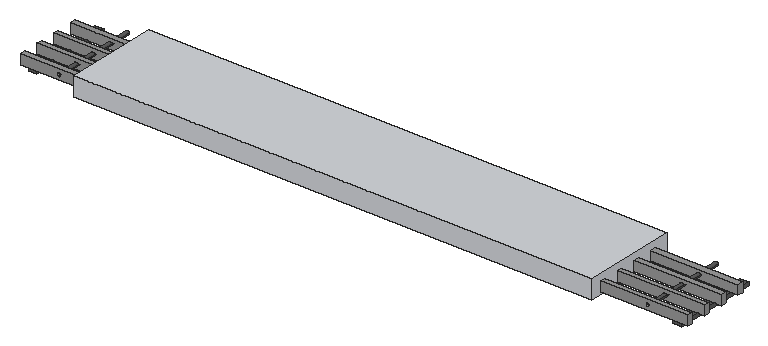
Revit family "1212-4, Solid", category Generic Models, host Face, Revit 2020
Family settings
  Host = Face
  Can host rebar = No
  Round Connector Dimension = Use Diameter
  Part Type = Normal
  Cut with Voids When Loaded = No
  Shared = No
  Room Calculation Point = No
Parameters
  min_value [instance] = 1' - 11 1/4"  # constant formula
  max_value [instance] = 11' - 11 1/4"  # constant formula
  actual_value [instance] = if(NET LENGTH < min_value, min_value, if(NET LENGTH > max_value, max_value, NET LENGTH))  # 7' - 11 1/4"
  NET LENGTH [instance] = 7' - 11 1/4"
  IMPORTANT NOTE!!!                                                                             *Backer & dowel layout is for visualization purposes only, final layout to be determined by 9Wood. [instance] = ""
  Default Elevation = 4' - 0"
  DOWEL RADIUS [instance] = 0' - 0 1/4"  # constant formula
  BACKING M MATERIAL [instance] = BLACK-BACKERS
  .. MEMBER WIDTH [instance] = 0' - 0 3/4"  # constant formula
  .. MEMBER MATERIAL [instance] = Solid Western Hemlock
  .. MEMBER DEPTH [instance] = 0' - 1 3/8"  # constant formula
  .. MEMBER COUNT [instance] = 4  # constant formula
Reference planes (in)
  plane 1 "Center (Front/Back)": y = 0
  plane 2: z = 2.726
  plane 3 "Center (Left/Right)": x = 0
Forms (in)
  Extrusion 1, solid
    sketch origin (15, -0.86619, -0.99308) x (0, 1, 0) y (-1, 0, 0)
      loop
        line (3.42869, -23.66817) -> (3.42869, 50.25) -> (-10, 50.25) -> (-10, -23.66817) -> (3.42869, -23.66817)
    from 3.71908 to 1.00111
Dimensions and locks (in)
  aligned and locked: plane 2 to Extrusion 1
Nested families (in)
  nested 1: "1200 Series" at (-44, -2, 1.87867), NET LENGTH <- "actual_value", DOWEL RADII <- "DOWEL RADIUS", .. MEMBER WIDTH <- ".. MEMBER WIDTH", .. MEMBER DEPTH <- ".. MEMBER DEPTH", .. MEMBER MATERIAL <- ".. MEMBER MATERIAL", BACKING M MATERIAL <- "BACKING M MATERIAL", .. MEMBER COUNT <- ".. MEMBER COUNT", type "1200 Series"
    with X 7' - 4", WIDTH 1' - 0 1/16", Space 0' - 0 11/16", START 0' - 0 3/8", SCRIM MATERIAL SCRIM, SCRIM 3 8' - 1", SCRIM 2 0' - 0 7/8", SCRIM 1 0' - 0 3/32", SCRIM yes, NET LENGTH 7' - 11 1/4", N 8, INSET 3 0' - 0 3/16", INSET 0' - 1", INDEX 0' - 5 5/8", END BACKER yes, DOWEL RADII 0' - 0 1/4", DOWEL COUNT 8, BACKING M WIDTH 0' - 1 1/4", BACKING M MATERIAL BLACK-BACKERS, BACKING M LENGTH 0' - 11 7/8", BACKING M DEPTH 0' - 0 1/2", .. MEMBER WIDTH 0' - 0 3/4", .. MEMBER OC TYP 0' - 3", .. MEMBER MATERIAL Solid Western Hemlock, .. MEMBER DEPTH 0' - 1 3/8", .. MEMBER COUNT 4
Definition of nested family "1200 Series"
  Parameters (values of type "1200 Series")
    X [instance] = NET LENGTH - (0' 3 5/8" * 2)  # 6' - 2"
    WIDTH [instance] = 1' - 0 1/16"
    Space [instance] = 0' - 0 11/16"  # constant formula
    START [instance] = .. MEMBER WIDTH / 2  # 0' - 0 3/8"
    SCRIM MATERIAL [instance] = none
    SCRIM 3 [instance] = NET LENGTH + (SCRIM 2 * 2)  # 6' - 11"
    SCRIM 2 [instance] = 0' - 0 7/8"
    SCRIM 1 [instance] = 0' - 0 3/32"
    SCRIM [instance] = yes
    NET LENGTH [instance] = 6' - 9 1/4"
    N [instance] = if((X - (rounddown(X / 1' 0") * 1' 0")) > 1' 0", rounddown(X / 1' 0") + 2, rounddown(X / 1' 0") + 1)  # 7
    INSET 3 [instance] = 0' - 0 3/16"
    INSET [instance] = 0' - 1"
    INDEX [instance] = (NET LENGTH - ((N - 1) * 1' 0")) / 2  # 0' - 4 5/8"
    END BACKER [instance] = yes
    Default Elevation = 0' - 0"
    DOWEL RADII [instance] = 0' - 0 1/4"
    DOWEL COUNT [instance] = N  # 7
    BACKING M WIDTH [instance] = 0' - 1 1/4"
    BACKING M MATERIAL [instance] = none
    BACKING M LENGTH [instance] = 0' - 11 7/8"
    BACKING M DEPTH [instance] = 0' - 0 1/2"
    .. MEMBER WIDTH [instance] = 0' - 0 3/4"
    .. MEMBER OC TYP [instance] = 1' 0" / .. MEMBER COUNT  # 0' - 3"
    .. MEMBER MATERIAL [instance] = none
    .. MEMBER DEPTH [instance] = 0' - 1 3/8"
    .. MEMBER COUNT [instance] = 4
  Reference planes (in)
    plane 1 "Center (Front/Back)": y = -7.5
    plane 2: z = 0
    plane 3 "Center (Left/Right)": x = 0
    plane 4: x = 1
    plane 5: x = 4.625
    plane 6: x = 81.25
    plane 7: x = 80.25
    plane 8: x = 16.625
    plane 9: y = -7.3125
    plane 10: y = -4.125
    plane 11: y = -7.125
    plane 12: y = 4.5625
    plane 13: y = -4.5
    plane 14: y = -7.59375
    plane 15: x = 82.125
    plane 16: y = 4.65625
    plane 17: x = -0.875
    plane 18: z = -1.375
    plane 19: z = -0.6875
  Lines and regions (in)
    model lines
      curve 1: line (4.375, -7.5, -0.6875) -> (4.875, -7.5, -0.6875)
    model lines, not visible
      curve 2: line (4.625, -7.5, -0.9375) -> (4.625, -7.5, -0.4375)
      curve 3: line (4.375, -7.5, -0.6875) -> (4.875, -7.5, -0.6875)
      curve 4: line (16.625, -7.5, -0.9375) -> (16.625, -7.5, -0.4375)
      curve 5: line (16.375, -7.5, -0.6875) -> (16.875, -7.5, -0.6875)
      curve 6: line (28.625, -7.5, -0.9375) -> (28.625, -7.5, -0.4375)
      curve 7: line (28.375, -7.5, -0.6875) -> (28.875, -7.5, -0.6875)
      curve 8: line (40.625, -7.5, -0.9375) -> (40.625, -7.5, -0.4375)
      curve 9: line (40.375, -7.5, -0.6875) -> (40.875, -7.5, -0.6875)
      curve 10: line (52.625, -7.5, -0.9375) -> (52.625, -7.5, -0.4375)
      curve 11: line (52.375, -7.5, -0.6875) -> (52.875, -7.5, -0.6875)
      curve 12: line (64.625, -7.5, -0.9375) -> (64.625, -7.5, -0.4375)
      curve 13: line (64.375, -7.5, -0.6875) -> (64.875, -7.5, -0.6875)
      curve 14: line (76.625, -7.5, -0.9375) -> (76.625, -7.5, -0.4375)
      curve 15: line (76.375, -7.5, -0.6875) -> (76.875, -7.5, -0.6875)
  Dimensions and locks (in)
    "NET LENGTH": plane 3 "Center (Left/Right)" to plane 6
    "INSET": plane 7 to plane 6
    "INDEX": plane 3 "Center (Left/Right)" to plane 5
    plane 5 to plane 8 = 1' - 0"
    "INSET 3": plane 1 "Center (Front/Back)" to plane 9
    equal spacing: group 1, group 2, group 3, group 4  (x3)
    "START": plane 11 to plane 1 "Center (Front/Back)"
    ".. MEMBER OC TYP": plane 10 to plane 11
    "WIDTH": plane 12 to plane 1 "Center (Front/Back)"
    "START": plane 10 to plane 13
    "SCRIM 1": plane 14 to plane 1 "Center (Front/Back)"
    "SCRIM 2": plane 6 to plane 15
    "SCRIM 1": plane 12 to plane 16
    "SCRIM 2": plane 17 to plane 3 "Center (Left/Right)"
    "INSET": plane 3 "Center (Left/Right)" to plane 4
    equal spacing: group 5, group 6, group 7, group 8, group 9, group 10, group 11  (x3)
    "Space": plane 19 to plane 18
    aligned and locked: level to plane 2
    aligned and locked: nested 1 to plane 4  (x2)
    aligned and locked: plane 7 to nested 2
    aligned and locked: plane 5 to nested 3
    aligned and locked: nested 1 to plane 9
    aligned and locked: plane 1 "Center (Front/Back)" to nested 4
    aligned and locked: plane 9 to nested 2
    aligned and locked: plane 13 to nested 5
    aligned and locked: nested 3 to plane 9
    aligned and locked: plane 18 to nested 1
    aligned and locked: plane 19 to nested 3
    aligned and locked: curve 1 to plane 19
    aligned and locked: plane 8 to curve 4
    aligned and locked: curve 5 to plane 19
    aligned and locked: nested 4 to plane 18
  Automatic sketch dimensions
    curve 1 to curve 1 = 0' - 0 1/2"
    curve 1 to plane 5 = 0' - 0 1/4"
    plane 5 to curve 1 = 0' - 0 1/4"
    curve 3 to curve 2 = 0' - 0 1/4"  (x2)
    curve 2 to curve 3 = 0' - 0 1/4"  (x2)
    curve 5 to curve 4 = 0' - 0 1/4"  (x2)
    curve 4 to curve 5 = 0' - 0 1/4"  (x2)
    curve 7 to curve 6 = 0' - 0 1/4"  (x2)
    curve 6 to curve 7 = 0' - 0 1/4"  (x2)
    curve 9 to curve 8 = 0' - 0 1/4"  (x2)
    curve 8 to curve 9 = 0' - 0 1/4"  (x2)
    curve 11 to curve 10 = 0' - 0 1/4"  (x2)
    curve 10 to curve 11 = 0' - 0 1/4"  (x2)
    curve 13 to curve 12 = 0' - 0 1/4"  (x2)
    curve 12 to curve 13 = 0' - 0 1/4"  (x2)
    curve 15 to curve 14 = 0' - 0 1/4"  (x2)
    curve 14 to curve 15 = 0' - 0 1/4"  (x2)
  Nested families (in)
    nested 1: "INSTANCE - 2ND -  EXTEND SIDE H CENTER W - Parametric Cube" at (1, -1.375, -1.375) x (0, -1, 0) z (0, 0, 1), Width <- "BACKING M LENGTH", Length <- "BACKING M WIDTH", Material <- "BACKING M MATERIAL", Height <- "BACKING M DEPTH", visible <- "END BACKER", type "INSTANCE - 2ND -  EXTEND SIDE H CENTER W - Parametric Cube"
      with Width 0' - 11 7/8", Material none, Length 0' - 1 1/4", Height 0' - 0 1/2"
    nested 2: "INSTANCE - 2ND -  EXTEND SIDE H CENTER W - Parametric Cube" at (80.25, -1.375, -1.375) x (0, -1, 0) z (0, 0, 1), Width <- "BACKING M LENGTH", Length <- "BACKING M WIDTH", Material <- "BACKING M MATERIAL", Height <- "BACKING M DEPTH", visible <- "END BACKER", type "INSTANCE - 2ND -  EXTEND SIDE H CENTER W - Parametric Cube"
      with Width 0' - 11 7/8", Material none, Length 0' - 1 1/4", Height 0' - 0 1/2"
    nested 3: "Family3" at (-5.375, -7.3125, -0.6875), DOWEL RADII <- "DOWEL RADII", BACKING MEM MATERIAL <- "BACKING M MATERIAL", type "Family3"
      with DOWEL RADII 0' - 0 1/4", DOWEL LENGTH 0' - 11 7/8", BACKING MEM MATERIAL none
    nested 4: "HOLED MEMBER" at (0, -18.75, 6.19404), DOWEL RADII <- "DOWEL RADII", .. MEMBER LENGTH <- "NET LENGTH", DOWEL COUNT <- "DOWEL COUNT", DEPTH <- ".. MEMBER DEPTH", .. MEMBER WIDTH <- ".. MEMBER WIDTH", Material <- ".. MEMBER MATERIAL", DOWEL INDEX <- "INDEX", Space 2 <- "Space", type "HOLED MEMBER"
      with Width 0' - 6", Space 2 0' - 0 11/16", Material none, Length 1' - 0", Height 0' - 10.43096", DOWEL RADII 0' - 0 1/4", DOWEL OC DIST 1' - 0", DOWEL INDEX 0' - 4 5/8", DOWEL COUNT 7, DEPTH 0' - 1 3/8", .. MEMBER WIDTH 0' - 0 3/4", .. MEMBER LENGTH 6' - 9 1/4"
    nested 5: "HOLED MEMBER" at (0, -15.75, 6.19404), DOWEL RADII <- "DOWEL RADII", .. MEMBER LENGTH <- "NET LENGTH", DOWEL COUNT <- "DOWEL COUNT", DEPTH <- ".. MEMBER DEPTH", .. MEMBER WIDTH <- ".. MEMBER WIDTH", Material <- ".. MEMBER MATERIAL", DOWEL INDEX <- "INDEX", Space 2 <- "Space", type "HOLED MEMBER"
      with Width 0' - 6", Space 2 0' - 0 11/16", Material none, Length 1' - 0", Height 0' - 10.43096", DOWEL RADII 0' - 0 1/4", DOWEL OC DIST 1' - 0", DOWEL INDEX 0' - 4 5/8", DOWEL COUNT 7, DEPTH 0' - 1 3/8", .. MEMBER WIDTH 0' - 0 3/4", .. MEMBER LENGTH 6' - 9 1/4"
    nested 6: "HOLED MEMBER" at (0, -12.75, 6.19404), DOWEL RADII <- "DOWEL RADII", .. MEMBER LENGTH <- "NET LENGTH", DOWEL COUNT <- "DOWEL COUNT", DEPTH <- ".. MEMBER DEPTH", .. MEMBER WIDTH <- ".. MEMBER WIDTH", Material <- ".. MEMBER MATERIAL", DOWEL INDEX <- "INDEX", Space 2 <- "Space", type "HOLED MEMBER"
      with Width 0' - 6", Space 2 0' - 0 11/16", Material none, Length 1' - 0", Height 0' - 10.43096", DOWEL RADII 0' - 0 1/4", DOWEL OC DIST 1' - 0", DOWEL INDEX 0' - 4 5/8", DOWEL COUNT 7, DEPTH 0' - 1 3/8", .. MEMBER WIDTH 0' - 0 3/4", .. MEMBER LENGTH 6' - 9 1/4"
    nested 7: "HOLED MEMBER" at (0, -9.75, 6.19404), DOWEL RADII <- "DOWEL RADII", .. MEMBER LENGTH <- "NET LENGTH", DOWEL COUNT <- "DOWEL COUNT", DEPTH <- ".. MEMBER DEPTH", .. MEMBER WIDTH <- ".. MEMBER WIDTH", Material <- ".. MEMBER MATERIAL", DOWEL INDEX <- "INDEX", Space 2 <- "Space", type "HOLED MEMBER"
      with Width 0' - 6", Space 2 0' - 0 11/16", Material none, Length 1' - 0", Height 0' - 10.43096", DOWEL RADII 0' - 0 1/4", DOWEL OC DIST 1' - 0", DOWEL INDEX 0' - 4 5/8", DOWEL COUNT 7, DEPTH 0' - 1 3/8", .. MEMBER WIDTH 0' - 0 3/4", .. MEMBER LENGTH 6' - 9 1/4"
    nested 8: "Family3" at (6.625, -7.3125, -0.6875), DOWEL RADII <- "DOWEL RADII", BACKING MEM MATERIAL <- "BACKING M MATERIAL", type "Family3"
      with DOWEL RADII 0' - 0 1/4", DOWEL LENGTH 0' - 11 7/8", BACKING MEM MATERIAL none
    nested 9: "Family3" at (18.625, -7.3125, -0.6875), DOWEL RADII <- "DOWEL RADII", BACKING MEM MATERIAL <- "BACKING M MATERIAL", type "Family3"
      with DOWEL RADII 0' - 0 1/4", DOWEL LENGTH 0' - 11 7/8", BACKING MEM MATERIAL none
    nested 10: "Family3" at (30.625, -7.3125, -0.6875), DOWEL RADII <- "DOWEL RADII", BACKING MEM MATERIAL <- "BACKING M MATERIAL", type "Family3"
      with DOWEL RADII 0' - 0 1/4", DOWEL LENGTH 0' - 11 7/8", BACKING MEM MATERIAL none
    nested 11: "Family3" at (42.625, -7.3125, -0.6875), DOWEL RADII <- "DOWEL RADII", BACKING MEM MATERIAL <- "BACKING M MATERIAL", type "Family3"
      with DOWEL RADII 0' - 0 1/4", DOWEL LENGTH 0' - 11 7/8", BACKING MEM MATERIAL none
    nested 12: "Family3" at (54.625, -7.3125, -0.6875), DOWEL RADII <- "DOWEL RADII", BACKING MEM MATERIAL <- "BACKING M MATERIAL", type "Family3"
      with DOWEL RADII 0' - 0 1/4", DOWEL LENGTH 0' - 11 7/8", BACKING MEM MATERIAL none
    nested 13: "Family3" at (66.625, -7.3125, -0.6875), DOWEL RADII <- "DOWEL RADII", BACKING MEM MATERIAL <- "BACKING M MATERIAL", type "Family3"
      with DOWEL RADII 0' - 0 1/4", DOWEL LENGTH 0' - 11 7/8", BACKING MEM MATERIAL none
  Definition of nested family "INSTANCE - 2ND -  EXTEND SIDE H CENTER W - Parametric Cube"
    Parameters (values of type "INSTANCE - 2ND -  EXTEND SIDE H CENTER W - Parametric Cube")
      Width [instance] = 0' - 6"
      Material [instance] = none
      Length [instance] = 1' - 0"
      Height [instance] = 1' - 6"
      Default Elevation = 0' - 0"
    Reference planes (in)
      plane 1 "Center (Front/Back)": y = 0
      plane 2: z = 0
      plane 3 "Center (Left/Right)": x = 0
      plane 4: x = -3
      plane 5: x = 3
      plane 6: y = 12
      plane 7: z = -18
    Forms (in)
      Extrusion 1, solid, material <- "Material"
        sketch origin (0, 6, 0) x (1, 0, 0) y (0, 1, 0)
          loop
            line (-3, 6) -> (-3, -6) -> (3, -6) -> (3, 6) -> (-3, 6)
        from -18 to 0
    Dimensions and locks (in)
      equal spacing: plane 4, plane 3 "Center (Left/Right)", plane 5
      "Width": plane 4 to plane 5
      "Height": plane 7 to level
      "Length": plane 1 "Center (Front/Back)" to plane 6
      aligned and locked: plane 2 to level
      aligned and locked: plane 4 to Extrusion 1 sketch curve
      aligned and locked: Extrusion 1 sketch curve to plane 5
      aligned and locked: Extrusion 1 to plane 7
      aligned and locked: plane 6 to Extrusion 1
    Automatic sketch dimensions
      plane 1 "Center (Front/Back)" to Extrusion 1 sketch curve = 0' - 0"
      plane 6 to Extrusion 1 sketch curve = 0' - 0"
  Definition of nested family "Family3"
    Parameters (values of type "Family3")
      Default Elevation = 0' - 0"
      DOWEL RADII [instance] = 0' - 0 5/8"
      DOWEL LENGTH [instance] = 0' - 5"
      BACKING MEM MATERIAL [instance] = none
    Reference planes (in)
      plane 1 "Center (Front/Back)": y = 0
      plane 2: z = 0
      plane 3 "Center (Left/Right)": x = 0
      plane 4: y = 5
    Forms (in)
      Extrusion 1, solid, material <- "BACKING MEM MATERIAL"
        sketch origin (10, 0, 0) x (1, 0, 0) y (0, 0, 1)
          loop
            circle (0, 0) r 0.625
        from 0 to -5
      Extrusion 2, solid, not visible
        sketch origin (0, 0, 0) x (1, 0, 0) y (0, 0, 1)
          loop
            circle (0, 0) r 0.625
        from 0 to 12
      Extrusion 3, solid, not visible
        sketch origin (10, 0, 0) x (1, 0, 0) y (0, 0, 1)
          loop
            circle (0, 0) r 0.625
        from 0 to 2.5
      Extrusion 4, solid, not visible
        sketch origin (10, 0, 0) x (1, 0, 0) y (0, 0, 1)
          loop
            circle (0, 0) r 0.625
        from 0 to -12
    Lines and regions (in)
      model lines, not visible
        curve 1: line (-13, 0, 0) -> (-13, -12, 0)
        curve 2: line (13, 0, 0) -> (13, -12, 0)
        curve 3: line (9.89453, 0, 0) -> (10.08794, 0, 0)
        curve 4: line (9.89453, -2.5, 0) -> (10.08794, -2.5, 0)
        curve 6: line (10, 0, 0) -> (10, 2, 0)
      model lines
        curve 5: line (10, 0, 0) -> (10, 2, 0)
    Dimensions and locks (in)
      "DOWEL LENGTH": plane 1 "Center (Front/Back)" to plane 4
      "DOWEL RADII": radius of Extrusion 1 sketch curve
      "DOWEL RADII": radius of Extrusion 2 sketch curve
      "DOWEL RADII": radius of Extrusion 3 sketch curve
      "DOWEL RADII": radius of Extrusion 4 sketch curve
      "DOWEL RADII": radius of Extrusion 1
      aligned and locked: plane 2 to level
      aligned and locked: Extrusion 1 to plane 1 "Center (Front/Back)"  (x3)
      aligned and locked: plane 1 "Center (Front/Back)" to Extrusion 1
      aligned and locked: plane 4 to Extrusion 1
    Automatic sketch dimensions
      plane 1 "Center (Front/Back)" to curve 5 = 0' - 0"
      curve 5 to plane 1 "Center (Front/Back)" = 0' - 2"
      plane 3 "Center (Left/Right)" to curve 5 = 0' - 10"
      Extrusion 1 sketch curve to level = 0' - 0"
      plane 3 "Center (Left/Right)" to Extrusion 1 sketch curve = 0' - 10"
  Definition of nested family "HOLED MEMBER"
    Parameters (values of type "HOLED MEMBER")
      Width [instance] = 0' - 6"
      Space 2 [instance] = 0' - 0 5/8"
      Space = 0' - 0 5/8"
      Material [instance] = none
      Length [instance] = 1' - 0"
      Height [instance] = 0' - 10.43096"
      Default Elevation = 0' - 0"
      DOWEL RADII [instance] = 0' - 0.34537"
      DOWEL OC DIST [instance] = 1' - 0"
      DOWEL INSET = 0' - 0 5/8"
      DOWEL INDEX [instance] = 0' - 5 5/8"
      DOWEL COUNT [instance] = 6
      DEPTH [instance] = 0' - 2"
      .. MEMBER WIDTH [instance] = 0' - 0 5/8"
      .. MEMBER LENGTH [instance] = 5' - 11 3/4"
    Reference planes (in)
      plane 1 "Center (Front/Back)": y = 12
      plane 2: z = -7.56904
      plane 3 "Center (Left/Right)": x = 0
      plane 4: x = 5.625
      plane 5: x = 17.625
      plane 6: y = 11.375
      plane 7: x = 71.75
      plane 8: z = -6.94404
      plane 9: z = -5.56904
    Forms (in)
      Extrusion 1, solid, material <- "Material"
        sketch origin (0, 12, -13.56904) x (1, 0, 0) y (0, 0, 1)
          loop
            line (0, 6) -> (71.75, 6) -> (71.75, 8) -> (0, 8) -> (0, 6)
        from 0.625 to 0
      Extrusion 2, void
        sketch origin (0, 12, -18.31904) x (1, 0, 0) y (0, 0, 1)
          loop
            circle (5.625, 11.375) r 0.34537
        from 0 to 12
      Extrusion 3, void, not visible
        sketch origin (0, 1.25, 0) x (1, 0, 0) y (0, 1, 0)
          loop
            circle (5.625, 11.375) r 0.34537
        from 0 to 12
      Extrusion 4, void, not visible
        sketch origin (0, 1.25, 0) x (1, 0, 0) y (0, 1, 0)
          loop
            circle (5.625, 11.375) r 0.34537
        from 0 to 12
      Extrusion 5, void, not visible
        sketch origin (12, 1.25, 0) x (1, 0, 0) y (0, 1, 0)
          loop
            circle (5.625, 11.375) r 0.34537
        from 0 to 12
      Extrusion 6, void, not visible
        sketch origin (0, 12, -16.31904) x (1, 0, 0) y (0, 0, 1)
          loop
            circle (5.625, 11.375) r 0.34537
        from 0 to 12
      Extrusion 7, void, not visible
        sketch origin (12, 12, -16.31904) x (1, 0, 0) y (0, 0, 1)
          loop
            circle (5.625, 11.375) r 0.34537
        from 0 to 12
      Extrusion 8, void, not visible
        sketch origin (0, 12, -18.31904) x (1, 0, 0) y (0, 0, 1)
          loop
            circle (5.625, 11.375) r 0.34537
        from 0 to 12
      Extrusion 9, void
        sketch origin (12, 12, -18.31904) x (1, 0, 0) y (0, 0, 1)
          loop
            circle (5.625, 11.375) r 0.34537
        from 0 to 12
      Extrusion 10, void, not visible
        sketch origin (24, 12, -16.31904) x (1, 0, 0) y (0, 0, 1)
          loop
            circle (5.625, 11.375) r 0.34537
        from 0 to 12
      Extrusion 11, void, not visible
        sketch origin (36, 12, -16.31904) x (1, 0, 0) y (0, 0, 1)
          loop
            circle (5.625, 11.375) r 0.34537
        from 0 to 12
      Extrusion 12, void, not visible
        sketch origin (48, 12, -16.31904) x (1, 0, 0) y (0, 0, 1)
          loop
            circle (5.625, 11.375) r 0.34537
        from 0 to 12
      Extrusion 13, void, not visible
        sketch origin (60, 12, -16.31904) x (1, 0, 0) y (0, 0, 1)
          loop
            circle (5.625, 11.375) r 0.34537
        from 0 to 12
      Extrusion 14, void, not visible
        sketch origin (24, 1.25, 0) x (1, 0, 0) y (0, 1, 0)
          loop
            circle (5.625, 11.375) r 0.34537
        from 0 to 12
      Extrusion 15, void, not visible
        sketch origin (36, 1.25, 0) x (1, 0, 0) y (0, 1, 0)
          loop
            circle (5.625, 11.375) r 0.34537
        from 0 to 12
      Extrusion 16, void, not visible
        sketch origin (48, 1.25, 0) x (1, 0, 0) y (0, 1, 0)
          loop
            circle (5.625, 11.375) r 0.34537
        from 0 to 12
      Extrusion 17, void, not visible
        sketch origin (60, 1.25, 0) x (1, 0, 0) y (0, 1, 0)
          loop
            circle (5.625, 11.375) r 0.34537
        from 0 to 12
      Extrusion 18, void
        sketch origin (24, 12, -18.31904) x (1, 0, 0) y (0, 0, 1)
          loop
            circle (5.625, 11.375) r 0.34537
        from 0 to 12
      Extrusion 19, void
        sketch origin (36, 12, -18.31904) x (1, 0, 0) y (0, 0, 1)
          loop
            circle (5.625, 11.375) r 0.34537
        from 0 to 12
      Extrusion 20, void
        sketch origin (48, 12, -18.31904) x (1, 0, 0) y (0, 0, 1)
          loop
            circle (5.625, 11.375) r 0.34537
        from 0 to 12
      Extrusion 21, void
        sketch origin (60, 12, -18.31904) x (1, 0, 0) y (0, 0, 1)
          loop
            circle (5.625, 11.375) r 0.34537
        from 0 to 12
    Cuts and joins
      Extrusion 2, Extrusion 9, Extrusion 18, Extrusion 19, Extrusion 20, Extrusion 21 cuts Extrusion 1
    Lines and regions (in)
      model lines, not visible
        curve 1: line (5.625, 11.72037, 0) -> (5.625, 11.02963, 0)
        curve 2: line (5.625, 11.72037, 0) -> (5.625, 11.02963, 0)
        curve 3: line (17.625, 11.72037, 0) -> (17.625, 11.02963, 0)
        curve 4: line (5.625, 12, -7.56904) -> (5.625, 11.87317, -7.56904)
        curve 5: line (5.625, 11.87317, -7.56904) -> (5.06195, 11.87317, -7.56904)
        curve 6: line (5.06195, 11.87317, -7.56904) -> (5.27963, 11.375, -7.56904)
        curve 7: line (0, 12, -6.19404) -> (0, 11.61951, -6.19404)
        curve 8: line (0, 11.375, -8.19404) -> (0, 11.6747, -8.19404)
        curve 9: line (5.625, 12, -7.56904) -> (5.625, 11.69863, -7.56904)
        curve 11: line (5.625, 12, 0) -> (5.625, 12, 0.30137)
        curve 12: line (5.625, 12, 0) -> (5.625, 12, 0.30137)
        curve 13: line (17.625, 12, 0) -> (17.625, 12, 0.30137)
        curve 14: line (5.625, 12, -5.56904) -> (5.625, 11.69863, -5.56904)
        curve 15: line (17.625, 12, -5.56904) -> (17.625, 11.69863, -5.56904)
        curve 16: line (5.625, 12, -7.56904) -> (5.625, 11.69863, -7.56904)
        curve 18: line (29.625, 12, -5.56904) -> (29.625, 11.69863, -5.56904)
        curve 19: line (41.625, 12, -5.56904) -> (41.625, 11.69863, -5.56904)
        curve 20: line (53.625, 12, -5.56904) -> (53.625, 11.69863, -5.56904)
        curve 21: line (65.625, 12, -5.56904) -> (65.625, 11.69863, -5.56904)
        curve 22: line (29.625, 11.72037, 0) -> (29.625, 11.02963, 0)
        curve 23: line (29.625, 12, 0) -> (29.625, 12, 0.30137)
        curve 24: line (41.625, 11.72037, 0) -> (41.625, 11.02963, 0)
        curve 25: line (41.625, 12, 0) -> (41.625, 12, 0.30137)
        curve 26: line (53.625, 11.72037, 0) -> (53.625, 11.02963, 0)
        curve 27: line (53.625, 12, 0) -> (53.625, 12, 0.30137)
        curve 28: line (65.625, 11.72037, 0) -> (65.625, 11.02963, 0)
        curve 29: line (65.625, 12, 0) -> (65.625, 12, 0.30137)
        curve 35: line (5.27963, 12.625, 0) -> (5.97037, 12.625, 0)
        curve 36: line (5.27963, 12.625, 0) -> (5.97037, 12.625, 0)
        curve 37: line (17.27963, 12.625, 0) -> (17.97037, 12.625, 0)
        curve 38: line (5.27963, 12, -4.94404) -> (5.97037, 12, -4.94404)
        curve 39: line (17.27963, 12, -4.94404) -> (17.97037, 12, -4.94404)
        curve 40: line (5.27963, 12, -6.94404) -> (5.97037, 12, -6.94404)
        curve 42: line (29.27963, 12, -4.94404) -> (29.97037, 12, -4.94404)
        curve 43: line (41.27963, 12, -4.94404) -> (41.97037, 12, -4.94404)
        curve 44: line (53.27963, 12, -4.94404) -> (53.97037, 12, -4.94404)
        curve 45: line (65.27963, 12, -4.94404) -> (65.97037, 12, -4.94404)
        curve 46: line (29.27963, 12.625, 0) -> (29.97037, 12.625, 0)
        curve 47: line (41.27963, 12.625, 0) -> (41.97037, 12.625, 0)
        curve 48: line (53.27963, 12.625, 0) -> (53.97037, 12.625, 0)
        curve 49: line (65.27963, 12.625, 0) -> (65.97037, 12.625, 0)
        curve 54: line (0, 12, -6.94404) -> (0, 4.22059, -6.94404)
        curve 55: line (0, 12.625, 0) -> (0, 12.625, 7.77941)
        curve 56: line (0, 12.625, 0) -> (0, 12.625, 7.77941)
        curve 57: line (12, 12.625, 0) -> (12, 12.625, 7.77941)
        curve 58: line (0, 12, -4.94404) -> (0, 4.22059, -4.94404)
        curve 59: line (12, 12, -4.94404) -> (12, 4.22059, -4.94404)
        curve 60: line (0, 12, -6.94404) -> (0, 4.22059, -6.94404)
        curve 61: line (12, 12, -6.94404) -> (12, 4.22059, -6.94404)
        curve 62: line (24, 12, -4.94404) -> (24, 4.22059, -4.94404)
        curve 63: line (36, 12, -4.94404) -> (36, 4.22059, -4.94404)
        curve 64: line (48, 12, -4.94404) -> (48, 4.22059, -4.94404)
        curve 65: line (60, 12, -4.94404) -> (60, 4.22059, -4.94404)
        curve 66: line (24, 12.625, 0) -> (24, 12.625, 7.77941)
        curve 67: line (36, 12.625, 0) -> (36, 12.625, 7.77941)
        curve 68: line (48, 12.625, 0) -> (48, 12.625, 7.77941)
        curve 69: line (60, 12.625, 0) -> (60, 12.625, 7.77941)
        curve 70: line (24, 12, -6.94404) -> (24, 4.22059, -6.94404)
        curve 71: line (36, 12, -6.94404) -> (36, 4.22059, -6.94404)
        curve 72: line (48, 12, -6.94404) -> (48, 4.22059, -6.94404)
        curve 73: line (60, 12, -6.94404) -> (60, 4.22059, -6.94404)
      model lines
        curve 10: line (5.625, 12, -7.56904) -> (5.625, 11.69863, -7.56904)
        curve 17: line (17.625, 12, -7.56904) -> (17.625, 11.69863, -7.56904)
        curve 30: line (29.625, 12, -7.56904) -> (29.625, 11.69863, -7.56904)
        curve 31: line (41.625, 12, -7.56904) -> (41.625, 11.69863, -7.56904)
        curve 32: line (53.625, 12, -7.56904) -> (53.625, 11.69863, -7.56904)
        curve 33: line (65.625, 12, -7.56904) -> (65.625, 11.69863, -7.56904)
        curve 34: line (5.27963, 12, -6.94404) -> (5.97037, 12, -6.94404)
        curve 41: line (17.27963, 12, -6.94404) -> (17.97037, 12, -6.94404)
        curve 50: line (29.27963, 12, -6.94404) -> (29.97037, 12, -6.94404)
        curve 51: line (41.27963, 12, -6.94404) -> (41.97037, 12, -6.94404)
        curve 52: line (53.27963, 12, -6.94404) -> (53.97037, 12, -6.94404)
        curve 53: line (65.27963, 12, -6.94404) -> (65.97037, 12, -6.94404)
    Dimensions and locks (in)
      "DOWEL INDEX": plane 3 "Center (Left/Right)" to plane 4
      "DOWEL OC DIST": plane 4 to plane 5
      ".. MEMBER LENGTH": plane 3 "Center (Left/Right)" to plane 7
      equal spacing: group 3, group 4, group 17, group 18, group 19, group 20  (x3)
      equal spacing: group 7, group 8, group 13, group 14, group 15, group 16  (x3)
      equal spacing: group 1, group 12, group 21, group 22, group 23, group 24  (x3)
      ".. MEMBER WIDTH": plane 6 to plane 1 "Center (Front/Back)"
      "DEPTH": plane 9 to level
      "Space 2": plane 8 to level
      "DOWEL RADII": radius of Extrusion 2 sketch curve
      "DOWEL RADII": radius of Extrusion 3 sketch curve
      "DOWEL RADII": radius of Extrusion 4 sketch curve
      "DOWEL RADII": radius of Extrusion 5 sketch curve
      "DOWEL RADII": radius of Extrusion 6 sketch curve
      "DOWEL RADII": radius of Extrusion 7 sketch curve
      "DOWEL RADII": radius of Extrusion 8 sketch curve
      "DOWEL RADII": radius of Extrusion 9 sketch curve
      "DOWEL RADII": radius of Extrusion 10 sketch curve
      "DOWEL RADII": radius of Extrusion 11 sketch curve
      "DOWEL RADII": radius of Extrusion 12 sketch curve
      "DOWEL RADII": radius of Extrusion 13 sketch curve
      "DOWEL RADII": radius of Extrusion 14 sketch curve
      "DOWEL RADII": radius of Extrusion 15 sketch curve
      "DOWEL RADII": radius of Extrusion 16 sketch curve
      "DOWEL RADII": radius of Extrusion 17 sketch curve
      "DOWEL RADII": radius of Extrusion 18 sketch curve
      "DOWEL RADII": radius of Extrusion 19 sketch curve
      "DOWEL RADII": radius of Extrusion 20 sketch curve
      "DOWEL RADII": radius of Extrusion 21 sketch curve
      aligned and locked: level to plane 2
      aligned and locked: Extrusion 1 to plane 3 "Center (Left/Right)"  (x2)
      aligned and locked: plane 7 to cut or joined group of Extrusion 1, Extrusion 2, Extrusion 9, Extrusion 18, Extrusion 19, Extrusion 20, Extrusion 21  (x2)
      aligned and locked: cut or joined group of Extrusion 1, Extrusion 2, Extrusion 9, Extrusion 18, Extrusion 19, Extrusion 20, Extrusion 21 to plane 1 "Center (Front/Back)"  (x2)
      aligned and locked: cut or joined group of Extrusion 1, Extrusion 2, Extrusion 9, Extrusion 18, Extrusion 19, Extrusion 20, Extrusion 21 to plane 6  (x2)
      aligned and locked: plane 4 to curve 10
      aligned and locked: plane 5 to curve 17
      aligned and locked: plane 9 to cut or joined group of Extrusion 1, Extrusion 2, Extrusion 9, Extrusion 18, Extrusion 19, Extrusion 20, Extrusion 21  (x2)
      aligned and locked: cut or joined group of Extrusion 1, Extrusion 2, Extrusion 9, Extrusion 18, Extrusion 19, Extrusion 20, Extrusion 21 to level
      aligned and locked: plane 8 to Extrusion 2
      aligned and locked: curve 34 to plane 8
      aligned and locked: curve 41 to plane 8
      aligned and locked: level to curve 10
      aligned and locked: curve 10 to level
      aligned and locked: plane 8 to cut or joined group of Extrusion 1, Extrusion 2, Extrusion 9, Extrusion 18, Extrusion 19, Extrusion 20, Extrusion 21
      aligned and locked: curve 54 to plane 8
    Automatic sketch dimensions
      curve 1 to curve 1 = 0' - 0.69074"
      curve 2 to curve 2 = 0' - 0.69074"
      curve 3 to curve 3 = 0' - 0.69074"
      Extrusion 1 sketch curve to plane 3 "Center (Left/Right)" = 0' - 0"
      Extrusion 1 sketch curve to plane 7 = 0' - 0"
      Extrusion 1 sketch curve to Extrusion 1 sketch curve = 0' - 2"
      level to Extrusion 1 sketch curve = 0' - 0"
      curve 9 to curve 9 = 0' - 0.30137"
      curve 10 to curve 10 = 0' - 0.30137"
      curve 11 to curve 11 = 0' - 0.30137"
      curve 12 to curve 12 = 0' - 0.30137"
      curve 13 to curve 13 = 0' - 0.30137"
      curve 14 to curve 14 = 0' - 0.30137"
      curve 15 to curve 15 = 0' - 0.30137"
      curve 16 to curve 16 = 0' - 0.30137"
      curve 17 to curve 17 = 0' - 0.30137"
      curve 18 to curve 18 = 0' - 0.30137"
      curve 19 to curve 19 = 0' - 0.30137"
      curve 20 to curve 20 = 0' - 0.30137"
      curve 21 to curve 21 = 0' - 0.30137"
      curve 22 to curve 22 = 0' - 0.69074"
      curve 23 to curve 23 = 0' - 0.30137"
      curve 24 to curve 24 = 0' - 0.69074"
      curve 25 to curve 25 = 0' - 0.30137"
      curve 26 to curve 26 = 0' - 0.69074"
      curve 27 to curve 27 = 0' - 0.30137"
      curve 28 to curve 28 = 0' - 0.69074"
      curve 29 to curve 29 = 0' - 0.30137"
      curve 30 to curve 30 = 0' - 0.30137"
      curve 31 to curve 31 = 0' - 0.30137"
      curve 32 to curve 32 = 0' - 0.30137"
      curve 33 to curve 33 = 0' - 0.30137"
      curve 34 to curve 34 = 0' - 0.69074"
      curve 35 to curve 35 = 0' - 0.69074"
      curve 36 to curve 36 = 0' - 0.69074"
      curve 37 to curve 37 = 0' - 0.69074"
      curve 38 to curve 38 = 0' - 0.69074"
      curve 39 to curve 39 = 0' - 0.69074"
      curve 40 to curve 40 = 0' - 0.69074"
      curve 41 to curve 41 = 0' - 0.69074"
      curve 42 to curve 42 = 0' - 0.69074"
      curve 43 to curve 43 = 0' - 0.69074"
      curve 44 to curve 44 = 0' - 0.69074"
      curve 45 to curve 45 = 0' - 0.69074"
      curve 46 to curve 46 = 0' - 0.69074"
      curve 47 to curve 47 = 0' - 0.69074"
      curve 48 to curve 48 = 0' - 0.69074"
      curve 49 to curve 49 = 0' - 0.69074"
      curve 50 to curve 50 = 0' - 0.69074"
      curve 51 to curve 51 = 0' - 0.69074"
      curve 52 to curve 52 = 0' - 0.69074"
      curve 53 to curve 53 = 0' - 0.69074"
      curve 54 to curve 54 = 0' - 7.77941"
      curve 55 to curve 55 = 0' - 7.77941"
      curve 56 to curve 56 = 0' - 7.77941"
      curve 57 to curve 57 = 0' - 7.77941"
      curve 58 to curve 58 = 0' - 7.77941"
      curve 59 to curve 59 = 0' - 7.77941"
      curve 60 to curve 60 = 0' - 7.77941"
      curve 61 to curve 61 = 0' - 7.77941"
      curve 62 to curve 62 = 0' - 7.77941"
      curve 63 to curve 63 = 0' - 7.77941"
      curve 64 to curve 64 = 0' - 7.77941"
      curve 65 to curve 65 = 0' - 7.77941"
      curve 66 to curve 66 = 0' - 7.77941"
      curve 67 to curve 67 = 0' - 7.77941"
      curve 68 to curve 68 = 0' - 7.77941"
      curve 69 to curve 69 = 0' - 7.77941"
      curve 70 to curve 70 = 0' - 7.77941"
      curve 71 to curve 71 = 0' - 7.77941"
      curve 72 to curve 72 = 0' - 7.77941"
      curve 73 to curve 73 = 0' - 7.77941"
